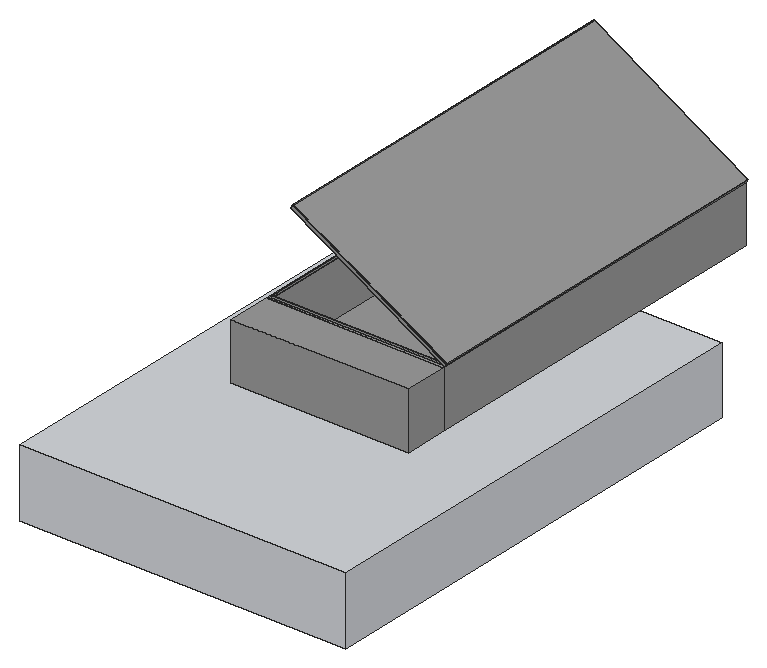
Revit family "Hager-Univers-IP55-D275-H1900-Cl.I-Steel_encl-PL-pl", category Equipement électrique, Revit 2020
Family settings
  Hôte = Face
  Configuration du panneau = Deux colonnes, circuits au sein
  Cote de connecteur circulaire = Utiliser le diamètre
  Type d'élément = Tableau de raccordement
  Couper avec des vides une fois chargée = Non
  Partagée = Non
  Point de calcul de pièce = Non
Parameters (values of type "Montaż podłogowy IP55 S800 W1900 G275  - FR13E2")
  Width Control [instance] = if([EF000008 - Szerokość] > Min Width, [EF000008 - Szerokość], Min Width)  # 800 mm
  Commentaires du type = [HG000003 - Zakres]  # "Univers"
  Thickness Door [instance] = if([EF009171 - Drzwi/pokrywa z materiału o wysokiej wytrzymałości mechanicznej] > 3 mm, 3 mm, [EF009171 - Drzwi/pokrywa z materiału o wysokiej wytrzymałości mechanicznej])  # 1.5 mm
  Seal Frame Offset [instance] = 17 mm  # constant formula
  Plinth Visibility [instance] = [HG000027 - Wysokość cokołu] > 0 mm  # yes
  Model = ""
  Min Width [instance] = 100 mm  # constant formula
  Min Height [instance] = 100 mm  # constant formula
  Min Depth [instance] = (2 * [EF009170 - Obudowa z materiału o wysokiej wytrzymałości mechanicznej]) + 1 mm  # 4 mm
  Internal Frame Depth [instance] = (Door System Depth * 0.5)  # 9 mm
  Height Control [instance] = if([EF000040 - Wysokość] > Min Height, [EF000040 - Wysokość], Min Height)  # 1900 mm
  HG000027 - Wysokość cokołu = 200 mm
  HG000026 - Stojąca = yes
  HG000024 - Wysokość części dolnej = 800 mm
  HG000023 - Obudowa dwusekcyjna = no
  HG000016 - Widoczność drzwi w widoku 3D [instance] = yes
  HG000015 - Przestrzeń robocza - otwarcie drzwi [instance] = no
  HG000014 - Drzwi prawe [instance] = yes
  HG000013 - Drzwi lewe [instance] = not([HG000014 - Drzwi prawe])  # no
  HG000012 - Kąt otwarcia drzwi [instance] = 30.00°
  HG000010 - Drzwi asymetryczne = no
  HG000009 - Drzwi dwuskrzydłowe = no
  HG000006 - Montaż podtynkowy = no
  HG000004 - Referencja producenta = "FR13E2"
  HG000003 - Zakres = "Univers"
  HG000002 - Z drzwiami lub pokrywą = yes
  Frame Offset Bottom [instance] = 10 mm  # constant formula
  Frame Offset [instance] = 15 mm  # constant formula
  EF015940 - Pokrywa z wyzwalaczem nadciśnieniowym = no
  EF011959 - Stopień ochrony (NEMA) = ""
  EF009554 - Liczba otworów pod flansze = 6
  Fabricant = "Hager"  # constant formula
  EF009212 - Wykonanie pokrywy = "EV000116 - Zamknięty"
  EF009171 - Drzwi/pokrywa z materiału o wysokiej wytrzymałości mechanicznej = 1.5 mm
  EF009170 - Obudowa z materiału o wysokiej wytrzymałości mechanicznej = 1.5 mm
  EF008873 - Prąd znamionowy (In) = 800 A
  EF007800 - Do ochrony odgromowej = no
  EF006306 - Z zamkiem = no
  EF006244 - Transparentna pokrywa/drzwi = no
  EF005474 - Stopień ochrony (IP) = "EV006420 - IP55"
  EF004464 - Rodzaj drzwi = "EV002646 - Pojedynczy"
  EF004427 - Liczba modułów = 396
  EF004293 - Odporność udarowa = "EV008784 - IK10"
  EF003532 - Do zastosowań zewnętrznych = no
  EF002950 - Szerokość wyrażona liczbą modułów = 24
  EF001613 - Podtrzymanie funkcji = "EV000494 - Brak"
  EF001596 - Materiał obudowy = "EV000179 - Stal"
  EF001131 - Głębokość wewnętrzna = 275 mm
  EF001088 - Możliwość rozbudowy = yes
  EF000437 - Liczba wejść kablowych = 6
  EF000339 - Rodzaj pokrywy = "EV004216 - Drzwi"
  EF000266 - Liczba rzędów = 11
  EF000218 - Głębokość wbudowania = 0 mm
  EF000118 - Z płytą montażową = no
  EF000116 - Numer RAL = "7035"
  EF000049 - Głębokość = 275 mm
  EF000040 - Wysokość = 1900 mm
  EF000008 - Szerokość = 800 mm
  EF000007 - Kolor = "EV000270 - Szary"
  EF000003 - Sposób montażu = "EV012274 - Montaż podłogowy"
  Door System Leaf Tolerance [instance] = 1.5 mm  # constant formula
  Door System Depth [instance] = 18 mm  # constant formula
  Door Height [instance] = Height Control - [HG000027 - Wysokość cokołu]  # 1700 mm
  Depth Control [instance] = if([EF000049 - Głębokość] > Min Depth, [EF000049 - Głębokość], Min Depth)  # 275 mm
  Default Elevation = 0 mm
  Connector Offset [instance] = Height Control / 2  # 950 mm
  Bottom Top Plate Trim [instance] = 1.5 mm  # constant formula
  Plinth height Ctrl [instance] = if([HG000027 - Wysokość cokołu] > 0 mm, [HG000027 - Wysokość cokołu], 12 mm)  # 200 mm
Types (5, lengths in mm): name | Width Control | HG000010 - Drzwi asymetryczne | HG000009 - Drzwi dwuskrzydłowe | HG000004 - Referencja producenta | EF009554 - Liczba otworów pod flansze | EF004464 - Rodzaj drzwi | EF004427 - Liczba modułów | EF000437 - Liczba wejść kablowych | EF000008 - Szerokość
  Montaż podłogowy IP55 S1050 W1900 G275  - FR14E2 | 1050 | yes | yes | "FR14E2" | 8 | "EV003602 - Podwójny" | 528 | 8 | 1050
  Montaż podłogowy IP55 S1300 W1900 G275  - FR15E2 | 1300 | yes | yes | "FR15E2" | 10 | "EV003602 - Podwójny" | 660 | 10 | 1300
  Montaż podłogowy IP55 S300 W1900 G275  - FR11E2 | 300 | no | no | "FR11E2" | 2 | "EV002646 - Pojedynczy" | 132 | 2 | 300
  Montaż podłogowy IP55 S550 W1900 G275  - FR12E2 | 550 | no | no | "FR12E2" | 4 | "EV002646 - Pojedynczy" | 264 | 4 | 550
  Montaż podłogowy IP55 S800 W1900 G275  - FR13E2 | 800 | no | no | "FR13E2" | 6 | "EV002646 - Pojedynczy" | 396 | 6 | 800
Reference planes
  plane 1 "Center (Front/Back)": y = 0
  plane 2: z = 0
  plane 3 "Center (Left/Right)": x = 0
  plane 4: z = 275
  plane 5: y = 201.5
  plane 6: y = 1050
  plane 7: y = 200
  plane 8: y = 1900
  plane 9: z = 0
  plane 10: x = -385
  plane 11: x = 385
  plane 12: x = 383.5
  plane 13: x = -383.5
  plane 14: y = 1898.5
  plane 15: x = -383
  plane 16: x = -400
  plane 17: x = 383
  plane 18: x = 400
  plane 19: x = 398.5
  plane 20: x = -398.5
  plane 21: y = 211.5
  plane 22: y = 1900
  plane 23: y = 1883.5
  plane 24: z = 257
  plane 25: z = 1.5
  plane 26: z = 255.5
  plane 27: z = 273.5
Forms (mm)
  Extrusion 1, solid
    sketch origin (0, 0, 0) x (1, 0, 0) y (0, 1, 0)
      loop
        line (-702.964, 1305) -> (-702.964, -811.445) -> (766.763, -811.445) -> (766.763, 1305) -> (-702.964, 1305)
    from 0 to -304.8
  Extrusion 2, solid, material "Hager_Steel_RAL7035_Light_Grey", visible <- "Plinth Visibility", detail levels medium+fine
    sketch origin (0, 0, 0) x (1, 0, 0) y (0, 1, 0)
      loop
        line (-400, 0) -> (400, 0) -> (400, 200) -> (-400, 200) -> (-400, 0)
    from 0 to 257
  Extrusion 3, solid, material "Hager_Steel_RAL7035_Light_Grey", detail levels medium+fine
    sketch origin (0, 0, 0) x (1, 0, 0) y (0, 1, 0)
      loop
        line (-400, 200) -> (400, 200) -> (400, 1900) -> (-400, 1900) -> (-400, 200)
    from 0 to 257
  Extrusion 4, void
    sketch origin (0, 0, 0) x (1, 0, 0) y (0, 1, 0)
      loop
        line (-398.5, 201.5) -> (398.5, 201.5) -> (398.5, 1898.5) -> (-398.5, 1898.5) -> (-398.5, 201.5)
    from 1.5 to 255.5
  Extrusion 5, void
    sketch origin (-381.607, -4572, 257) x (0, -1, 0) y (-1, 0, 0)
      loop
        line (-4783.5, 1.893) -> (-6455.5, 1.893) -> (-6455.5, -765.107) -> (-4783.5, -765.107) -> (-4783.5, 1.893)
    from 0 to 1.5 <- "EF009170 - Obudowa z materiału o wysokiej wytrzymałości mechanicznej"
  Extrusion 6, solid, material "Hager_Steel_RAL7035_Light_Grey", detail levels fine
    sketch origin (0, 0, 257) x (1, 0, 0) y (0, 1, 0)
      loop
        line (-383.5, 1883.5) -> (-383.5, 211.5) -> (383.5, 211.5) -> (383.5, 1883.5) -> (-383.5, 1883.5)
      loop
        line (-385, 210) -> (385, 210) -> (385, 1885) -> (-385, 1885) -> (-385, 210)
    from 0 to 9 <- "Internal Frame Depth"
  Extrusion 7, solid, material "Hager_Steel_RAL7035_Light_Grey", detail levels coarse
    sketch origin (0, 0, 0) x (1, 0, 0) y (0, 1, 0)
      loop
        line (-400, 0) -> (400, 0) -> (400, 1900) -> (-400, 1900) -> (-400, 0)
    from 0 to 275
  Sweep 8, void
    path in 3D
      loop
        line (-400, 200, 0) -> (400, 200, 0) -> (400, 200, 257) -> (-400, 200, 257) -> (-400, 200, 0)
    profile origin (-400, 200, 128.5) x (-1, 0, 0) y (0, -1, 0)
      loop
        line (0, 0) -> (0, 1.5) -> (-1.5, 1.5)
        arc (-1.5, 1.5) -> (-1.061, 0.439) -> (0, 0) r 1.5
Cuts and joins
  Extrusion 4, Extrusion 5 cuts Extrusion 3
  Sweep 8 cuts Extrusion 2
Lines and regions (mm)
  Masking region 1
    outline origin (0, 0, 0) x (1, 0, 0) y (0, 0, 1)
      loop
        line (-400, 275) -> (-400, 0) -> (400, 0) -> (400, 275) -> (-400, 275)
  Masking region 2, detail levels medium+fine
    outline origin (0, 140, 0) x (0, 1, 0) y (0, 0, 1)
      loop
        line (60, 0) -> (1760, 0) -> (1760, 257) -> (60, 257) -> (60, 0)
  Masking region 3, not visible, detail levels medium+fine
    outline origin (0, 297.922, 0) x (0, 1, 0) y (0, 0, 1)
      loop
        line (763.578, 0) -> (803.578, 0) -> (803.578, 263.5)
        arc (803.578, 263.5) -> (800.649, 270.571) -> (793.578, 273.5) r 10
        line (793.578, 273.5) -> (763.578, 273.5) -> (763.578, 0)
  Masking region 4, detail levels coarse
    outline origin (0, 0, 180) x (0, 1, 0) y (0, 0, 1)
      loop
        line (0, -180) -> (1900, -180) -> (1900, 95) -> (0, 95) -> (0, -180)
  Masking region 5, visible <- "Plinth Visibility", detail levels medium+fine
    outline origin (0, 52.24, 12.345) x (0, 0, -1) y (0, 1, 0)
      loop
        line (10.845, 147.76) -> (-243.155, 147.76)
        arc (-243.155, 147.76) -> (-243.594, 146.699) -> (-244.655, 146.26) r 1.5
        line (-244.655, 146.26) -> (-244.655, -52.24) -> (12.345, -52.24) -> (12.345, 146.26)
        arc (12.345, 146.26) -> (11.285, 146.699) -> (10.845, 147.76) r 1.5
  Masking region 6, detail levels medium+fine
    outline origin (-381.607, -4572, 257) x (-1, 0, 0) y (0, -1, 0)
      loop
        line (18.393, -6472) -> (18.393, -4772) -> (-781.607, -4772) -> (-781.607, -6472) -> (18.393, -6472)
  Masking region 7, visible <- "Plinth Visibility", detail levels medium+fine
    outline origin (-381.607, -4727, 257) x (-1, 0, 0) y (0, -1, 0)
      loop
        arc (16.893, -4927) -> (17.332, -4925.939) -> (18.393, -4925.5) r 1.5
        line (18.393, -4925.5) -> (18.393, -4727) -> (-781.607, -4727) -> (-781.607, -4925.5)
        arc (-781.607, -4925.5) -> (-780.546, -4925.939) -> (-780.107, -4927) r 1.5
        line (-780.107, -4927) -> (16.893, -4927)
  Masking region 8, detail levels coarse
    outline origin (-442.548, -4669.526, 257) x (-1, 0, 0) y (0, -1, 0)
      loop
        line (-42.548, -6569.526) -> (-42.548, -4669.526) -> (-842.548, -4669.526) -> (-842.548, -6569.526) -> (-42.548, -6569.526)
  sketch lines
    curve 1: line (-400, 200, 257) -> (-400, 200, 0)
    curve 2: line (400, 200, 257) -> (-400, 200, 257)
    curve 3: line (400, 200, 257) -> (400, 200, 0)
    curve 4: line (-400, 200, 0) -> (400, 200, 0)
Dimensions and locks
  "Depth Control": plane 4 to Extrusion 1
  "HG000027 - Wysokość cokołu": plane 1 "Center (Front/Back)" to plane 7
  "EF009170 - Obudowa z materiału o wysokiej wytrzymałości mechanicznej": plane 5 to plane 7
  locked: connector elem to plane 3 "Center (Left/Right)"
  equal spacing: plane 8, plane 6, plane 7
  locked: connector elem to plane 6
  "EF009170 - Obudowa z materiału o wysokiej wytrzymałości mechanicznej": plane 8 to plane 14
  "EF009170 - Obudowa z materiału o wysokiej wytrzymałości mechanicznej": plane 10 to plane 13
  "EF009170 - Obudowa z materiału o wysokiej wytrzymałości mechanicznej": plane 12 to plane 11
  "Frame Offset": plane 20 to plane 13
  "Frame Offset": plane 12 to plane 19
  "EF009170 - Obudowa z materiału o wysokiej wytrzymałości mechanicznej": plane 16 to plane 20
  "EF009170 - Obudowa z materiału o wysokiej wytrzymałości mechanicznej": plane 19 to plane 18
  "Seal Frame Offset": plane 16 to plane 15
  "Seal Frame Offset": plane 17 to plane 18
  "Frame Offset Bottom": plane 21 to plane 5
  "Frame Offset": plane 14 to plane 23
  equal spacing: plane 16, plane 3 "Center (Left/Right)", plane 18
  "Width Control": plane 16 to plane 18
  "EF009170 - Obudowa z materiału o wysokiej wytrzymałości mechanicznej": plane 4 to plane 27
  "EF009170 - Obudowa z materiału o wysokiej wytrzymałości mechanicznej": plane 24 to plane 26
  "EF009170 - Obudowa z materiału o wysokiej wytrzymałości mechanicznej": plane 25 to level
  "Door System Depth": plane 4 to plane 24
  "Height Control": plane 1 "Center (Front/Back)" to Extrusion 7 sketch curve
  "Height Control": Masking region 4 sketch curve to plane 1 "Center (Front/Back)"
  "Height Control": plane 1 "Center (Front/Back)" to plane 22
  "Bottom Top Plate Trim": profile plane to Sweep 8 sketch curve
  "Bottom Top Plate Trim": Sweep 8 sketch curve to profile plane
  "Plinth height Ctrl": plane 1 "Center (Front/Back)" to Extrusion 2 sketch curve
  "Plinth height Ctrl": Masking region 5 sketch curve to plane 1 "Center (Front/Back)"
  "Plinth height Ctrl": plane 1 "Center (Front/Back)" to Masking region 7 sketch curve
  "Thickness Door": Extrusion 6 sketch curve to Extrusion 6 sketch curve  (x3)
  "Thickness Door": cut or joined group of Extrusion 3, Extrusion 4, Extrusion 5 to Extrusion 6 sketch curve
  radius of Masking region 3 sketch curve = 10 mm
  "Bottom Top Plate Trim": radius of Masking region 5 sketch curve  (x2)
  "Bottom Top Plate Trim": radius of Sweep 8 sketch curve
  "Bottom Top Plate Trim": radius of Masking region 7 sketch curve  (x2)
  aligned and locked: plane 2 to Extrusion 1
  aligned and locked: level to Extrusion 1
  aligned and locked: level to Masking region 1 sketch curve
  aligned and locked: Masking region 1 sketch curve to plane 18
  aligned and locked: Masking region 1 sketch curve to plane 16
  aligned and locked: plane 7 to Masking region 2 sketch curve
  aligned and locked: level to Masking region 3 sketch curve
  aligned and locked: Masking region 3 sketch curve to plane 27
  aligned and locked: level to Masking region 2 sketch curve
  aligned and locked: plane 1 "Center (Front/Back)" to Extrusion 2 sketch curve
  aligned and locked: Extrusion 3 sketch curve to plane 7
  aligned and locked: plane 16 to Extrusion 3 sketch curve
  aligned and locked: plane 18 to Extrusion 3 sketch curve
  aligned and locked: plane 20 to Extrusion 4 sketch curve
  aligned and locked: plane 19 to Extrusion 4 sketch curve
  aligned and locked: Extrusion 4 sketch curve to plane 5
  aligned and locked: Extrusion 4 to plane 25
  aligned and locked: plane 26 to Extrusion 4
  aligned and locked: plane 24 to Extrusion 3
  aligned and locked: Extrusion 5 sketch curve to plane 21
  aligned and locked: Extrusion 5 sketch curve to plane 13
  aligned and locked: Extrusion 5 sketch curve to plane 12
  aligned and locked: plane 18 to Extrusion 7 sketch curve
  aligned and locked: plane 1 "Center (Front/Back)" to Extrusion 7 sketch curve
  aligned and locked: plane 16 to Extrusion 7 sketch curve
  aligned and locked: plane 4 to Extrusion 7
  aligned and locked: Extrusion 7 to level
  aligned and locked: level to Masking region 4 sketch curve
  aligned and locked: Masking region 4 sketch curve to plane 1 "Center (Front/Back)"
  aligned and locked: Masking region 4 sketch curve to plane 4
  aligned and locked: nested 1 to level
  aligned and locked: nested 1 to plane 16
  aligned and locked: plane 8 to Extrusion 3 sketch curve
  aligned and locked: plane 23 to Extrusion 5 sketch curve
  aligned and locked: plane 14 to Extrusion 4 sketch curve
  aligned and locked: Masking region 2 sketch curve to plane 8
  aligned and locked: level to Masking region 5 sketch curve
  aligned and locked: plane 16 to Extrusion 2 sketch curve
  aligned and locked: plane 18 to Extrusion 2 sketch curve
  aligned and locked: Masking region 5 sketch curve to plane 24
  aligned and locked: Masking region 2 sketch curve to plane 24
  aligned and locked: plane 24 to Extrusion 2
  aligned and locked: profile plane to Sweep 8 sketch curve  (x2)
  aligned and locked: Masking region 6 sketch curve to plane 18
  aligned and locked: Masking region 6 sketch curve to plane 22
  aligned and locked: Masking region 6 sketch curve to plane 16
  aligned and locked: plane 8 to plane 22
  aligned and locked: Masking region 6 sketch curve to plane 7
  aligned and locked: Masking region 7 sketch curve to plane 16
  aligned and locked: Masking region 7 sketch curve to plane 1 "Center (Front/Back)"
  aligned and locked: Masking region 7 sketch curve to plane 18
  aligned and locked: Masking region 8 sketch curve to plane 1 "Center (Front/Back)"
  aligned and locked: Masking region 8 sketch curve to plane 18
  aligned and locked: Masking region 8 sketch curve to plane 22
  aligned and locked: Masking region 8 sketch curve to plane 16
  aligned and locked: nested 2 to plane 7
  aligned and locked: plane 3 "Center (Left/Right)" to nested 2
  aligned and locked: nested 2 to plane 24
  aligned and locked: Extrusion 6 sketch curve to cut or joined group of Extrusion 3, Extrusion 4, Extrusion 5  (x4)
Automatic sketch dimensions
  Extrusion 1 sketch curve to Extrusion 1 sketch curve = 1469.727 mm
  Extrusion 1 sketch curve to Extrusion 1 sketch curve = 2116.445 mm
  Masking region 1 sketch curve to plane 4 = 0 mm
  plane 6 to Masking region 3 sketch curve = 11.5 mm
  Masking region 3 sketch curve to Masking region 3 sketch curve = 30 mm
  Masking region 5 sketch curve to plane 1 "Center (Front/Back)" = 0 mm
Nested families
  nested 1: "Hager_Enclosure_Symbol" at (-400, 0, 0) x (1, 0, 0) z (0, -1, 0), Height <- "Depth Control", Width <- "Width Control", type "Hager_Enclosure_Symbol"
    with Width_Ctrl 800 mm, Width 800 mm, Height_Ctrl 275 mm, Height 275 mm, A_Width_Int 18.047 mm, A_Width 216.562 mm, A_Height_Ctrl 240.625 mm, A_Height 240.625 mm
  nested 2: "EC000058_Univers_Door" at (0, 200, 257) x (1, 0, 0) z (0, 1, 0), Leaf_Tolerance <- "Door System Leaf Tolerance", Angle <- "HG000012 - Kąt otwarcia drzwi", Door_Depth <- "Door System Depth", Door_Left <- "HG000013 - Drzwi lewe", Transparent <- "EF006244 - Transparentna pokrywa/drzwi", Assymetrical <- "HG000010 - Drzwi asymetryczne", Width <- "Width Control", Clearance <- "HG000015 - Przestrzeń robocza - otwarcie drzwi", Double <- "HG000009 - Drzwi dwuskrzydłowe", 3d_Door <- "HG000016 - Widoczność drzwi w widoku 3D", Lock_Visibility <- "EF006306 - Z zamkiem", Width_Ctrl <- "Width Control", Door_Right <- "HG000014 - Drzwi prawe", Door <- "HG000002 - Z drzwiami lub pokrywą", Height <- "Door Height", Thickness <- "Thickness Door", type "EC000058_Univers_Door", detail levels medium+fine
    with min_wh 4 mm, Width_Ctrl 800 mm, Width 800 mm, Transparent no, Thickness 1.5 mm, Seal_Material Hager_Rubber, Lock_Visibility no, Lock_Material Hager_Plastic_RAL9005_Jet_Black, Leaf_Width 800 mm, Leaf_Tolerance_External_Sides 0 mm, Leaf_Tolerance 1.5 mm, Leaf_Offset 0 mm, Leaf_Height 1697 mm, Leaf_2_Width 800 mm, Leaf_2_Offset 400 mm, Leaf_1_Width 800 mm, Leaf_1_Offset 400 mm, Height_Ctrl 1700 mm, Height 1700 mm, Glass_Material Hager_Glass, Double_Clearance_Ctrl no, Double no, Door_Right_Ctrl yes, Door_Right yes, Door_Material Hager_Steel_RAL7035_Light_Grey, Door_Left_Ctrl no, Door_Left no, Door_Depth 18 mm, Door yes, Clearance_Material Hager_Clearance, Clearance_Depth 800 mm, Clearance_Ctrl no, Clearance no, Assymetrical no, Angle 30.00°, 3d_Door yes
Connectors
  electrical at (0, 1050, 0)
    settings: on plane 9, index 1, voltage 0 V, apparent load 0 VA, apparent load phase1 0 VA, apparent load phase2 0 VA, apparent load phase3 0 VA, power factor 1, load classification "Other", number of poles 1, system type 30, power factor state 1, is connector primary yes, connector utility no, sub classification motor no, connector description ""
Definition of nested family "EC000058_Univers_Door"
  Parameters (values of type "EC000058_Univers_Door")
    min_wh [instance] = (2 * Thickness) + 1 mm  # 11 mm
    Width_Ctrl [instance] = 400 mm
    Width [instance] = 500 mm
    Transparent [instance] = yes
    Thickness [instance] = 5 mm
    Seal_Material [instance] = none
    Lock_Visibility [instance] = yes
    Lock_Material [instance] = none
    Leaf_Width [instance] = if((Width_Ctrl - 2 * Leaf_Tolerance_External_Sides) > 0 mm, (Width_Ctrl - 2 * Leaf_Tolerance_External_Sides), min_wh)  # 400 mm
    Leaf_Tolerance_External_Sides [instance] = 0 mm  # constant formula
    Leaf_Tolerance [instance] = 1.5 mm
    Leaf_Offset [instance] = 0 mm  # constant formula
    Leaf_Height [instance] = if((Height_Ctrl - 2 * Leaf_Tolerance) > 0 mm, (Height_Ctrl - 2 * Leaf_Tolerance), min_wh)  # 497 mm
    Leaf_2_Width [instance] = if(and(and(Double, Assymetrical), Door_Left), (Leaf_Width / 3) - (Leaf_Tolerance / 2), if(and(and(Double, Assymetrical), Door_Right), (Leaf_Width / 3) * 2 - (Leaf_Tolerance / 2), if(and(Double, not(Assymetrical)), (Leaf_Width / 2) - Leaf_Tolerance, Leaf_Width)))  # 400 mm
    Leaf_2_Offset [instance] = if(and(Double, Assymetrical), Leaf_2_Width / 2, if(and(Double, not(Assymetrical)), Leaf_Width / 4, Leaf_Width / 2))  # 200 mm
    Leaf_1_Width [instance] = if(and(and(Double, Assymetrical), Door_Right), (Leaf_Width / 3) - (Leaf_Tolerance / 2), if(and(and(Double, Assymetrical), Door_Left), (Width / 3) * 2 - (Leaf_Tolerance / 2), if(and(Double, not(Assymetrical)), (Leaf_Width / 2) - Leaf_Tolerance, Leaf_Width)))  # 400 mm
    Leaf_1_Offset [instance] = if(and(Double, Assymetrical), Leaf_1_Width / 2, if(and(Double, not(Assymetrical)), Leaf_Width / 4, Leaf_Width / 2))  # 200 mm
    Height_Ctrl [instance] = if(Height > min_wh, Height, min_wh)  # 500 mm
    Height [instance] = 500 mm
    Glass_Material [instance] = none
    Double_Clearance_Ctrl [instance] = and(Double, Clearance)  # no
    Double [instance] = no
    Door_Right_Ctrl [instance] = and(or(Door_Right, Double), Door)  # yes
    Door_Right [instance] = yes
    Door_Material [instance] = none
    Door_Left_Ctrl [instance] = and(or(Door_Left, Double), Door)  # no
    Door_Left [instance] = no
    Door_Depth [instance] = 30 mm
    Door [instance] = yes
    Default Elevation = 1219.2 mm
    Clearance_Material [instance] = none
    Clearance_Depth [instance] = if(Leaf_1_Width > Leaf_2_Width, Leaf_1_Width, Leaf_2_Width)  # 400 mm
    Clearance_Ctrl [instance] = and(not(Double), Clearance)  # yes
    Clearance [instance] = yes
    Assymetrical [instance] = yes
    Angle [instance] = 30.00°
    3d_Door [instance] = yes
  Reference planes
    plane 1 "Center (Front/Back)": y = 0
    plane 2 "Bottom": z = 0
    plane 3 "Center (Left/Right)": x = 0
    plane 4: z = 500
    plane 5: x = -200
    plane 6: x = 200
    plane 7: z = 500
    plane 8: x = -200
    plane 9: z = 0
    plane 10: x = 200
    plane 11: y = 0
    plane 12: z = 1.5
    plane 13: x = -600
    plane 14: y = -400
    plane 15: x = 600
    plane 16: x = 0
    plane 17: x = 0
    plane 18: x = -200
    plane 19: x = 200
    plane 20: z = 498.5
  Forms (mm)
    Extrusion 1, solid, material <- "Clearance_Material", visible <- "Double_Clearance_Ctrl"
      sketch origin (1200, 0, 0) x (1, 0, 0) y (0, 0, -1)
        loop
          line (-1800, -498.5) -> (-600, -498.5) -> (-600, 0) -> (-1800, 0) -> (-1800, -498.5)
      from 0 to -400
  Dimensions and locks
    equal spacing: plane 5, plane 3 "Center (Left/Right)", plane 6
    "Width_Ctrl": plane 5 to plane 6
    "Leaf_Offset": plane 5 to plane 8
    "Leaf_Offset": plane 6 to plane 10
    "Leaf_Offset": plane 9 to level
    "Leaf_Offset": plane 4 to plane 7
    "Height_Ctrl": plane 4 to level
    "Leaf_Tolerance": plane 12 to plane 9
    locked: plane 11 to plane 1 "Center (Front/Back)"
    "Leaf_1_Offset": plane 18 to plane 16
    "Leaf_2_Offset": plane 17 to plane 19
    "Leaf_1_Width": plane 13 to plane 8
    "Leaf_2_Width": plane 10 to plane 15
    "Clearance_Depth": plane 14 to plane 1 "Center (Front/Back)"
    "Leaf_Tolerance_External_Sides": plane 8 to plane 18
    "Leaf_Tolerance_External_Sides": plane 19 to plane 10
    "Leaf_Tolerance": plane 7 to plane 20
    aligned and locked: level to plane 2 "Bottom"
    aligned and locked: nested 1 to plane 16
    aligned and locked: nested 2 to plane 17
    aligned and locked: Extrusion 1 to plane 13
    aligned and locked: plane 15 to Extrusion 1
    aligned and locked: Extrusion 1 to plane 14
    aligned and locked: plane 12 to nested 1
    aligned and locked: nested 2 to plane 12
    aligned and locked: Extrusion 1 to plane 11
    aligned and locked: plane 20 to Extrusion 1
    aligned and locked: nested 2 to plane 11
    aligned and locked: nested 1 to plane 11
  Automatic sketch dimensions
    Extrusion 1 sketch curve to level = 0 mm
    plane 5 to Extrusion 1 sketch curve = 400 mm
    plane 6 to Extrusion 1 sketch curve = 400 mm
    Extrusion 1 sketch curve to plane 4 = 1.5 mm
  Nested families
    nested 1: "EC000058_Univers_Door_Leaf" at (0, 0, 1.5), Width <- "Leaf_1_Width", visible <- "Door_Left_Ctrl", Leaf_Height <- "Leaf_Height", Angle <- "Angle", 3d_Door <- "3d_Door", Transparent <- "Transparent", Clearance Material <- "Clearance_Material", Clearance <- "Clearance_Ctrl", Door_Material <- "Door_Material", Glass_Material <- "Glass_Material", Door_Depth <- "Door_Depth", Lock_Material <- "Lock_Material", Seal_Material <- "Seal_Material", Lock_Visibility <- "Lock_Visibility", Thickness <- "Thickness", type "EC000058_Univers_Door_Leaf"
      with Width 400 mm, Transparent_Glass_Offset 30 mm, Transparent_Ctrl yes, Transparent yes, Thickness 5 mm, Standard no, Seal_Material none, Seal_D2 8 mm, Seal_D1 1 mm, Offset_Internal_Frame 10 mm, Lock_Width 20 mm, Lock_Visibility_3d yes, Lock_Visibility yes, Lock_Thickness_3 3 mm, Lock_Thickness_2 1 mm, Lock_Thickness_1 3 mm, Lock_Radius_Offset_2 16 mm, Lock_Radius_Offset_1 15 mm, Lock_Radius_2 5 mm, Lock_Radius 6 mm, Lock_Offset 5 mm, Lock_Material none, Lock_Height 80 mm, Lock_Cover_Top_Offset_2d 17 mm, Lock_Cover_Height -65 mm, Leaf_Height 497 mm, Internal_Seal_Thickness 8 mm, Internal_Seal_Depth_2 4.5 mm, Internal_Frame_Depth 25 mm, Glass_Thickness -1 mm, Glass_Offset -2 mm, Glass_Material none, Door_Material none, Door_Depth 30 mm, Clearance Material none, Clearance yes, Angle_Ctrl 30.00°, Angle 30.00°, 3d_Door yes
    nested 2: "EC000058_Univers_Door_Leaf" at (0, 0, 1.5) x (-1, 0, 0) z (0, 0, 1), Width <- "Leaf_2_Width", visible <- "Door_Right_Ctrl", Leaf_Height <- "Leaf_Height", Angle <- "Angle", 3d_Door <- "3d_Door", Transparent <- "Transparent", Clearance Material <- "Clearance_Material", Clearance <- "Clearance_Ctrl", Door_Material <- "Door_Material", Glass_Material <- "Glass_Material", Door_Depth <- "Door_Depth", Lock_Material <- "Lock_Material", Seal_Material <- "Seal_Material", Lock_Visibility <- "Lock_Visibility", Thickness <- "Thickness", type "EC000058_Univers_Door_Leaf"
      with Width 400 mm, Transparent_Glass_Offset 30 mm, Transparent_Ctrl yes, Transparent yes, Thickness 5 mm, Standard no, Seal_Material none, Seal_D2 8 mm, Seal_D1 1 mm, Offset_Internal_Frame 10 mm, Lock_Width 20 mm, Lock_Visibility_3d yes, Lock_Visibility yes, Lock_Thickness_3 3 mm, Lock_Thickness_2 1 mm, Lock_Thickness_1 3 mm, Lock_Radius_Offset_2 16 mm, Lock_Radius_Offset_1 15 mm, Lock_Radius_2 5 mm, Lock_Radius 6 mm, Lock_Offset 5 mm, Lock_Material none, Lock_Height 80 mm, Lock_Cover_Top_Offset_2d 17 mm, Lock_Cover_Height -65 mm, Leaf_Height 497 mm, Internal_Seal_Thickness 8 mm, Internal_Seal_Depth_2 4.5 mm, Internal_Frame_Depth 25 mm, Glass_Thickness -1 mm, Glass_Offset -2 mm, Glass_Material none, Door_Material none, Door_Depth 30 mm, Clearance Material none, Clearance yes, Angle_Ctrl 30.00°, Angle 30.00°, 3d_Door yes
  Definition of nested family "EC000058_Univers_Door_Leaf"
    Parameters (values of type "EC000058_Univers_Door_Leaf")
      Width [instance] = 2000 mm
      Transparent_Glass_Offset [instance] = 30 mm
      Transparent_Ctrl [instance] = and(Transparent, [3d_Door])  # yes
      Transparent [instance] = yes
      Thickness [instance] = 5 mm
      Standard [instance] = and(not(Transparent), [3d_Door])  # no
      Seal_Material [instance] = none
      Seal_D2 [instance] = 8 mm  # constant formula
      Seal_D1 [instance] = 1 mm  # constant formula
      Offset_Internal_Frame [instance] = 10 mm  # constant formula
      Lock_Width [instance] = 20 mm  # constant formula
      Lock_Visibility_3d [instance] = and(Lock_Visibility, [3d_Door])  # yes
      Lock_Visibility [instance] = yes
      Lock_Thickness_3 [instance] = 3 mm  # constant formula
      Lock_Thickness_2 [instance] = 1 mm  # constant formula
      Lock_Thickness_1 [instance] = 3 mm  # constant formula
      Lock_Radius_Offset_2 [instance] = Lock_Radius_Offset_1 + 1 mm  # 16 mm
      Lock_Radius_Offset_1 [instance] = 15 mm  # constant formula
      Lock_Radius_2 [instance] = Lock_Radius - 1 mm  # 5 mm
      Lock_Radius [instance] = 6 mm  # constant formula
      Lock_Offset [instance] = 5 mm  # constant formula
      Lock_Material [instance] = none
      Lock_Height [instance] = 80 mm  # constant formula
      Lock_Cover_Top_Offset_2d [instance] = Lock_Radius_Offset_2 + 1 mm  # 17 mm
      Lock_Cover_Height [instance] = -(Lock_Height - Lock_Radius_Offset_1)  # -65 mm
      Leaf_Height [instance] = 2720.336 mm
      Internal_Seal_Thickness [instance] = 8 mm  # constant formula
      Internal_Seal_Depth_2 [instance] = 4.5 mm  # constant formula
      Internal_Frame_Depth [instance] = if(Door_Depth - Thickness > 5 mm, Door_Depth - Thickness, 5 mm)  # 25 mm
      Glass_Thickness [instance] = if(Thickness > 15 mm, Glass_Offset + 10 mm, -1 mm)  # -1 mm
      Glass_Offset [instance] = if(Thickness > 15 mm, -(Thickness + 10 mm) / 2, -2 mm)  # -2 mm
      Glass_Material [instance] = none
      Door_Material [instance] = none
      Door_Depth [instance] = 30 mm
      Default Elevation = 0 mm
      Clearance Material [instance] = none
      Clearance [instance] = yes
      Angle_Ctrl [instance] = if(Angle > 180.00°, 180.00°, Angle)  # 90.00°
      Angle [instance] = 90.00°
      3d_Door [instance] = yes
    Reference planes
      plane 1 "Center (Front/Back)": y = 0
      plane 2: z = 0
      plane 3 "Center (Left/Right)": x = 0
      plane 4: y = 2000
      plane 5: x = -1000
      plane 6: x = 1000
      plane 7: x = -3000
      plane 8: z = 2720.336
      plane 9: z = 30
      plane 10: z = 2690.336
      plane 11: x = 970
      plane 12: x = -970
      plane 13: y = -3
      plane 14: z = 107.833
      plane 15: y = -5
      plane 16: y = -223.314
      plane 17: x = -1000
      plane 18: z = 1360.168
      plane 19: y = 30
    Forms (mm)
      Extrusion 1, solid, material <- "Clearance Material", visible <- "Clearance"
        sketch origin (0, 0, 0) x (1, 0, 0) y (0, 0, 1)
          loop
            line (-3000, 2720.336) -> (-3000, 0) -> (1000, 0) -> (1000, 2720.336) -> (-3000, 2720.336)
        from 0 to -2000
      Extrusion 2, solid, material <- "Door_Material", visible <- "Standard", detail levels medium+fine
        sketch origin (-1000, 0, 0) x (0, 1, 0) y (-1, 0, 0)
          loop
            line (0, 30) -> (0, 25) -> (2000, 25) -> (2000, 30) -> (0, 30)
        from 0 to 2720.336 <- "Leaf_Height"
      Extrusion 3, solid, material <- "Door_Material", visible <- "Transparent_Ctrl", detail levels medium+fine
        sketch origin (-1000, 0, 0) x (0, 1, 0) y (-1, 0, 0)
          loop
            line (0, 25) -> (2000, 25) -> (2000, 30) -> (0, 30) -> (0, 25)
        from 0 to 2720.336 <- "Leaf_Height"
      Extrusion 4, void
        sketch origin (-1025, 2000, 0) x (0, 1, 0) y (0, 0, -1)
          loop
            line (-30, -2690.336) -> (-30, -30) -> (-1970, -30) -> (-1970, -2690.336) -> (-30, -2690.336)
        from 0 to 5 <- "Thickness"
      Sweep 5, solid, material <- "Seal_Material", visible <- "Transparent_Ctrl", detail levels fine
        path in 3D
          loop
            line (-1025, 30, 30) -> (-1025, 30, 2690.336) -> (-1025, 1970, 2690.336) -> (-1025, 1970, 30) -> (-1025, 30, 30)
        profile origin (-1025, 1000, 30) x (1, 0, 0) y (0, 0, 1)
          loop
            line (0, 0) -> (0, -8) -> (1, -8) -> (1, 0) -> (0, 0)
      Extrusion 6, solid, material <- "Glass_Material", visible <- "Transparent_Ctrl", detail levels medium+fine
        sketch origin (-1030, 0, 0) x (0, 1, 0) y (0, 0, -1)
          loop
            line (1970, -2690.336) -> (1970, -30) -> (30, -30) -> (30, -2690.336) -> (1970, -2690.336)
        from -2 <- "Glass_Offset" to -1 <- "Glass_Thickness"
      Extrusion 7, solid, material <- "Door_Material", visible <- "3d_Door", detail levels medium+fine
        sketch origin (-1025, 2000, 0) x (0, -1, 0) y (0, 0, -1)
          loop
            line (0, -2720.336) -> (2000, -2720.336) -> (2000, 0) -> (0, 0) -> (0, -2720.336)
          loop
            line (1995, -5) -> (5, -5) -> (5, -2715.336) -> (1995, -2715.336) -> (1995, -5)
        from 0 to 25 <- "Internal_Frame_Depth"
      Sweep 8, solid, material <- "Seal_Material", visible <- "Transparent_Ctrl", detail levels fine
        path in 3D
          loop
            line (-1025, 0, 0) -> (-1025, 2000, 0) -> (-1025, 2000, 2720.336) -> (-1025, 0, 2720.336) -> (-1025, 0, 0)
        profile origin (-1025, 0, 1360.168) x (1, 0, 0) y (0, 1, 0)
          loop
            line (0, 10) -> (2.975, 10)
            arc (2.975, 10) -> (4.053, 10.447) -> (4.5, 11.525) r 1.525
            line (4.5, 11.525) -> (4.5, 16.527)
            arc (4.5, 16.527) -> (4.069, 17.569) -> (3.027, 18) r 1.473
            line (3.027, 18) -> (0, 18) -> (0, 10)
      Extrusion 9, solid, material <- "Lock_Material", visible <- "Lock_Visibility_3d", detail levels fine
        sketch origin (-1030, 0, 0) x (0, 1, 0) y (0, 0, -1)
          loop
            arc (1993.5, -1400.168) -> (1994.561, -1399.729) -> (1995, -1398.668) r 1.5
            line (1995, -1398.668) -> (1995, -1320.168) -> (1975, -1320.168) -> (1975, -1398.668)
            arc (1975, -1398.668) -> (1975.439, -1399.729) -> (1976.5, -1400.168) r 1.5
            line (1976.5, -1400.168) -> (1993.5, -1400.168)
        from 3 <- "Lock_Thickness_1" to 0
      Blend 10, solid, material <- "Lock_Material", visible <- "Lock_Visibility_3d", detail levels fine
        base sketch origin (-1033, 0, 0) x (0, 1, 0) y (0, 0, -1)
          loop
            line (1975, -1320.168) -> (1975, -1398.668)
            arc (1975, -1398.668) -> (1975.439, -1399.729) -> (1976.5, -1400.168) r 1.5
            line (1976.5, -1400.168) -> (1993.5, -1400.168)
            arc (1993.5, -1400.168) -> (1994.561, -1399.729) -> (1995, -1398.668) r 1.5
            line (1995, -1398.668) -> (1995, -1320.168) -> (1975, -1320.168)
        top sketch origin (-1033, 0, 0) x (0, 1, 0) y (0, 0, -1)
          loop
            line (1976, -1320.168) -> (1976, -1398.668)
            arc (1976, -1398.668) -> (1976.146, -1399.022) -> (1976.5, -1399.168) r 0.5
            line (1976.5, -1399.168) -> (1993.5, -1399.168)
            arc (1993.5, -1399.168) -> (1993.854, -1399.022) -> (1994, -1398.668) r 0.5
            line (1994, -1398.668) -> (1994, -1320.168) -> (1976, -1320.168)
        from 0 to 1 <- "Lock_Thickness_2"
      Blend 11, solid, material <- "Lock_Material", visible <- "Lock_Visibility_3d", detail levels fine
        base sketch origin (-1034, 0, 0) x (0, 1, 0) y (0, 0, -1)
          loop
            line (1978, -1320.168) -> (1978, -1384.168)
            arc (1978, -1384.168) -> (1985, -1391.168) -> (1992, -1384.168) r 7
            line (1992, -1384.168) -> (1992, -1320.168) -> (1978, -1320.168)
        top sketch origin (-1034, 0, 0) x (0, 1, 0) y (0, 0, -1)
          loop
            line (1991, -1320.168) -> (1979, -1320.168) -> (1979, -1383.168)
            arc (1979, -1383.168) -> (1985, -1389.168) -> (1991, -1383.168) r 6
            line (1991, -1383.168) -> (1991, -1320.168)
        from 0 to 3 <- "Lock_Thickness_3"
      Extrusion 12, solid, material <- "Lock_Material", visible <- "Lock_Visibility_3d", detail levels fine
        sketch origin (-1030, 1975, 1320.168) x (1, 0, 0) y (0, -1, 0)
          loop
            line (-7, -19) -> (-7, -1) -> (0, -1) -> (0, 0) -> (-8, 0) -> (-8, -20) -> (0, -20) -> (0, -19) -> (-7, -19)
        from 0 to -65 <- "Lock_Cover_Height"
      Extrusion 13, void
        sketch origin (-1038, 1995, 1320.168) x (-1, 0, 0) y (0, 0, -1)
          loop
            line (-5, -65) -> (0, -65) -> (-5, -60) -> (-5, -65)
        from 0 to 20 <- "Lock_Width"
      Extrusion 14, void
        sketch origin (-1038, 1975, 1320.168) x (0, -1, 0) y (0, 0, -1)
          loop
            circle (-10, -15.995) r 6
          loop
            circle (-10, -15.995) r 5
        from 0 to 2
      Extrusion 15, solid, material <- "Lock_Material", visible <- "Lock_Visibility_3d", detail levels medium
        sketch origin (-1030, 0, 0) x (0, 1, 0) y (0, 0, -1)
          loop
            arc (1993.5, -1400.168) -> (1994.561, -1399.729) -> (1995, -1398.668) r 1.5
            line (1995, -1398.668) -> (1995, -1320.168) -> (1975, -1320.168) -> (1975, -1398.668)
            arc (1975, -1398.668) -> (1975.439, -1399.729) -> (1976.5, -1400.168) r 1.5
            line (1976.5, -1400.168) -> (1993.5, -1400.168)
        from 8 to 0
    Cuts and joins
      Extrusion 4 cuts Extrusion 3
      Extrusion 13, Extrusion 14 cuts Extrusion 9
      Extrusion 14 cuts Blend 11
      Extrusion 13, Extrusion 14 cuts Extrusion 12
      joined: Extrusion 9, Blend 10, Blend 11, Extrusion 12
      Extrusion 14 cuts Extrusion 15
    Lines and regions (mm)
      Masking region 1, visible <- "Lock_Visibility", detail levels fine
        outline origin (0, 0, 0) x (0, 1, 0) y (0, 0, 1)
          loop
            line (30, 1320.168) -> (33, 1320.168) -> (33, 1400.168) -> (30, 1400.168) -> (30, 1320.168)
      Masking region 2, visible <- "Lock_Visibility", detail levels fine
        outline origin (0, 3.143, 0) x (0, 1, 0) y (0, 0, 1)
          loop
            line (29.857, 1354.168) -> (30.857, 1354.168) -> (30.857, 1366.168) -> (29.857, 1366.168) -> (29.857, 1354.168)
      Masking region 3, detail levels medium+fine
        outline origin (0, 0, 0) x (0, 1, 0) y (0, 0, 1)
          loop
            line (0, 0) -> (30, 0) -> (30, 2720.336) -> (0, 2720.336) -> (0, 0)
      Masking region 4, detail levels medium+fine
        outline origin (0, 0, 0) x (1, 0, 0) y (0, 0, 1)
          loop
            line (-1000, 2720.336) -> (-1000, 0) -> (1000, 0) -> (1000, 2720.336) -> (-1000, 2720.336)
      Masking region 5, visible <- "Lock_Visibility", detail levels fine
        outline origin (-47.116, 0, 0) x (1, 0, 0) y (0, 0, 1)
          loop
            arc (1024.616, 1399.168) -> (1023.556, 1398.729) -> (1023.116, 1397.668) r 1.5
            line (1023.116, 1397.668) -> (1023.116, 1320.168) -> (1041.116, 1320.168) -> (1041.116, 1397.668)
            arc (1041.116, 1397.668) -> (1040.677, 1398.729) -> (1039.616, 1399.168) r 1.5
            line (1039.616, 1399.168) -> (1024.616, 1399.168)
      Masking region 6, visible <- "Lock_Visibility", detail levels medium+fine
        outline origin (-25, 0, 0) x (1, 0, 0) y (0, 0, 1)
          loop
            arc (1001.5, 1400.168) -> (1000.439, 1399.729) -> (1000, 1398.668) r 1.5
            line (1000, 1398.668) -> (1000, 1320.168) -> (1020, 1320.168) -> (1020, 1398.668)
            arc (1020, 1398.668) -> (1019.561, 1399.729) -> (1018.5, 1400.168) r 1.5
            line (1018.5, 1400.168) -> (1001.5, 1400.168)
      Masking region 7, visible <- "Lock_Visibility", detail levels fine
        outline origin (-73.735, 0, 0) x (1, 0, 0) y (0, 0, 1)
          loop
            line (1051.735, 1382.168) -> (1065.735, 1382.168) -> (1065.735, 1384.168)
            arc (1065.735, 1384.168) -> (1058.735, 1391.168) -> (1051.735, 1384.168) r 7
            line (1051.735, 1384.168) -> (1051.735, 1382.168)
      Masking region 8, visible <- "Lock_Visibility", detail levels fine
        outline origin (-73.735, 0, 0) x (1, 0, 0) y (0, 0, 1)
          loop
            line (1052.735, 1382.168) -> (1064.735, 1382.168) -> (1064.735, 1383.168)
            arc (1064.735, 1383.168) -> (1058.735, 1389.168) -> (1052.735, 1383.168) r 6
            line (1052.735, 1383.168) -> (1052.735, 1382.168)
      Masking region 9, visible <- "Lock_Visibility", detail levels fine
        outline origin (-25, 0, 0) x (1, 0, 0) y (0, 0, 1)
          loop
            line (1020, 1320.168) -> (1020, 1382.168) -> (1000, 1382.168) -> (1000, 1320.168) -> (1020, 1320.168)
      Masking region 10, detail levels medium+fine
        outline origin (0, 0, 0) x (1, 0, 0) y (0, 0, 1)
          loop
            circle (985, 1335.144) r 6
      Masking region 11, detail levels fine
        outline origin (0, 0, 0) x (1, 0, 0) y (0, 0, 1)
          loop
            circle (985, 1335.144) r 5
      Masking region 12, visible <- "Lock_Visibility", detail levels fine
        outline origin (0, 12.767, 0) x (0, 1, 0) y (0, 0, 1)
          loop
            line (20.233, 1320.168) -> (21.233, 1320.168) -> (21.233, 1399.168) -> (20.233, 1400.168) -> (20.233, 1320.168)
      Masking region 13, visible <- "Lock_Visibility", detail levels fine
        outline origin (0, 13.767, -10) x (0, 1, 0) y (0, 0, 1)
          loop
            line (20.233, 1330.168) -> (23.233, 1330.168) -> (23.233, 1399.168) -> (20.233, 1402.168) -> (20.233, 1330.168)
      Masking region 14, visible <- "Lock_Visibility", detail levels fine
        outline origin (0, 12.767, -10) x (0, 1, 0) y (0, 0, 1)
          loop
            line (20.233, 1330.168) -> (25.233, 1330.168) -> (25.233, 1399.305) -> (20.233, 1394.305) -> (20.233, 1330.168)
      Masking region 15, visible <- "Lock_Visibility", detail levels medium
        outline origin (0, 0, 0) x (0, 1, 0) y (0, 0, 1)
          loop
            line (30, 1320.168) -> (38, 1320.168) -> (38, 1400.168) -> (30, 1400.168) -> (30, 1320.168)
      Masking region 16, visible <- "Lock_Visibility", detail levels fine
        outline origin (-1000, 0, 0) x (0, 1, 0) y (-1, 0, 0)
          loop
            line (1975, 30) -> (1995, 30) -> (1995, 38) -> (1975, 38) -> (1975, 30)
          loop
            line (1979, 37) -> (1976, 37) -> (1976, 34) -> (1978, 34) -> (1979, 37)
          loop
            line (1994, 37) -> (1991, 37) -> (1992, 34) -> (1994, 34) -> (1994, 37)
      Masking region 17, visible <- "Lock_Visibility", detail levels medium
        outline origin (-1000, 0, 0) x (0, 1, 0) y (-1, 0, 0)
          loop
            line (1975, 30) -> (1995, 30) -> (1995, 38) -> (1975, 38) -> (1975, 30)
      symbolic lines
        curve 1: line (1000, 0, 0) -> (-3000, 0, 0)
        curve 2: arc (1000, 0, 0) -> (-1000, 2000, 0) -> (-3000, 0, 0) r 2000
        curve 4: line (-1030, 0, 0) -> (-1030, 2000, 0)
      reference lines
        curve 3: line (-1000, 0, 0) -> (-1000, 2000, 0)
      symbolic lines, detail levels medium+fine
        curve 5: line (-1030, 2000, 0) -> (-1025, 2000, 0)
        curve 7: line (-1025, 0, 0) -> (-1030, 0, 0)
        curve 8: line (-1025, 0, 0) -> (-1000, 0, 0)
        curve 9: line (-1000, 0, 0) -> (-1000, 2000, 0)
        curve 10: line (-1000, 2000, 0) -> (-1025, 2000, 0)
      symbolic lines, detail levels fine
        curve 6: line (-1025, 2000, 0) -> (-1025, 0, 0)
      sketch lines
        curve 11: line (-1025, 0, 2720.336) -> (-1025, 0, 0)
        curve 12: line (-1025, 2000, 0) -> (-1025, 0, 0)
        curve 13: line (-1025, 2000, 2720.336) -> (-1025, 2000, 0)
        curve 14: line (-1025, 0, 2720.336) -> (-1025, 2000, 2720.336)
        curve 15: line (-1025, 1970, 30) -> (-1025, 30, 30)
        curve 16: line (-1025, 30, 30) -> (-1025, 30, 2690.336)
        curve 17: line (-1025, 1970, 2690.336) -> (-1025, 1970, 30)
        curve 18: line (-1025, 30, 2690.336) -> (-1025, 1970, 2690.336)
      symbolic lines, visible <- "Transparent", detail levels medium+fine
        curve 19: line (-970, 0, 2690.336) -> (970, 0, 2690.336)
        curve 20: line (-970, 0, 30) -> (-970, 0, 2690.336)
        curve 21: line (970, 0, 30) -> (-970, 0, 30)
        curve 22: line (970, 0, 2690.336) -> (970, 0, 30)
    Dimensions and locks
      "Width": plane 1 "Center (Front/Back)" to plane 4
      equal spacing: plane 5, plane 3 "Center (Left/Right)", plane 6
      "Width": plane 5 to plane 6
      "Width": plane 7 to plane 5
      "Leaf_Height": plane 8 to level
      "Width": curve 5 to curve 3
      "Width": curve 3 to curve 3
      plane 8 to plane 10 = 30 mm
      plane 9 to level = 30 mm
      plane 12 to plane 5 = 30 mm
      plane 6 to plane 11 = 30 mm
      Extrusion 1 to Extrusion 4 sketch curve = 30 mm
      "Transparent_Glass_Offset": curve 3 to Extrusion 4 sketch curve
      "Transparent_Glass_Offset": Extrusion 4 sketch curve to cut or joined group of Extrusion 3, Extrusion 4  (x2)
      cut or joined group of Extrusion 3, Extrusion 4 to Extrusion 6 sketch curve = 30 mm
      "Transparent_Glass_Offset": cut or joined group of Extrusion 3, Extrusion 4 to Extrusion 4 sketch curve
      "Thickness": curve 6 to curve 4
      "Thickness": Extrusion 7 sketch curve to Extrusion 7 sketch curve  (x4)
      "Door_Depth": curve 4 to curve 3
      "Offset_Internal_Frame": profile plane to Sweep 8 sketch curve
      "Internal_Seal_Thickness": Sweep 8 sketch curve to Sweep 8 sketch curve
      "Internal_Seal_Depth_2": profile plane to Sweep 8 sketch curve
      "Seal_D1": profile plane to Sweep 5 sketch curve
      "Seal_D2": profile plane to Sweep 5 sketch curve
      "Thickness": Extrusion 2 sketch curve to Extrusion 2 sketch curve
      equal spacing: Extrusion 9 sketch curve, plane 18, Extrusion 9 sketch curve  (x2)
      equal spacing: Masking region 1 sketch curve, plane 18, Masking region 1 sketch curve
      "Lock_Height": Masking region 1 sketch curve to Masking region 1 sketch curve
      "Lock_Radius": Masking region 2 sketch curve to plane 18 to Masking region 2 sketch curve
      Masking region 2 sketch curve to Masking region 1 = 1 mm
      "Door_Depth": plane 19 to plane 1 "Center (Front/Back)"
      "Lock_Thickness_1": Masking region 1 sketch curve to plane 19
      "Lock_Width": Extrusion 9 sketch curve to Extrusion 9 sketch curve
      "Lock_Height": Extrusion 9 sketch curve to Extrusion 9 sketch curve
      "Lock_Offset": cut or joined group of Extrusion 3, Extrusion 4 to Extrusion 9 sketch curve
      equal spacing: plane 8, plane 18, level
      "Lock_Radius_Offset_1": Blend 11 sketch curve to Blend 10
      locked: Blend 10 to Blend 11 sketch curve at 2  (x2)
      locked: var sketch to Blend 11 sketch curve at 1  (x2)
      "Lock_Radius_Offset_2": Blend 11 sketch curve to Blend 10
      locked: Extrusion 12 sketch curve to Extrusion 12 sketch curve at 1  (x3)
      Masking region 6 sketch curve to Masking region 6 sketch curve = 80 mm
      "Lock_Height": Masking region 6 sketch curve to Masking region 6 sketch curve
      "Lock_Width": Masking region 6 sketch curve to Masking region 6 sketch curve
      locked: Masking region 6 to Masking region 5 sketch curve at 1  (x3)
      locked: Masking region 5 to Masking region 7 sketch curve at 2  (x2)
      "Lock_Radius_Offset_1": Masking region 5 to Masking region 7 sketch curve
      "Lock_Radius_Offset_2": Masking region 5 to Masking region 8 sketch curve
      locked: Masking region 7 to Masking region 8 sketch curve at 1  (x2)
      "Lock_Cover_Top_Offset_2d": Masking region 5 to Masking region 9 sketch curve
      equal spacing: Masking region 9, Masking region 10 sketch curve, Masking region 9
      equal spacing: Masking region 9, Masking region 11 sketch curve, Masking region 9
      Extrusion 15 sketch curve to Extrusion 15 sketch curve = 80 mm
      "Lock_Width": Extrusion 15 sketch curve to Extrusion 15 sketch curve
      "Lock_Height": Extrusion 15 sketch curve to Extrusion 15 sketch curve
      equal spacing: Extrusion 15 sketch curve, plane 18, Extrusion 15 sketch curve
      "Lock_Thickness_3": Masking region 13 sketch curve to Masking region 13 sketch curve
      "Lock_Height": Masking region 12 sketch curve to Masking region 12 sketch curve
      locked: Masking region 13 sketch curve to Masking region 1 at 8
      locked: Masking region 14 sketch curve to Masking region 13 at 1
      locked: Masking region 14 sketch curve to Masking region 1 at 10.863
      "Lock_Height": Masking region 15 sketch curve to Masking region 15 sketch curve
      "Lock_Offset": Extrusion 15 sketch curve to cut or joined group of Extrusion 3, Extrusion 4
      "Lock_Offset": plane 6 to Masking region 6 sketch curve
      radius of Sweep 8 sketch curve = 1.525 mm
      radius of Sweep 8 sketch curve = 1.473 mm
      radius of Extrusion 9 sketch curve = 1.5 mm  (x2)
      "Lock_Radius": radius of Extrusion 14 sketch curve
      "Lock_Radius_2": radius of Extrusion 14 sketch curve
      "Lock_Radius": radius of Masking region 10 sketch curve
      "Lock_Radius_2": radius of Masking region 11 sketch curve
      radius of Extrusion 15 sketch curve = 1.5 mm  (x2)
      "Angle_Ctrl": angle plane 1 "Center (Front/Back)" to curve 3
      locked: Masking region 12 sketch curve to Masking region 12 sketch curve (angle 45.00°)
      locked: Masking region 13 sketch curve to Masking region 13 sketch curve (angle 45.00°)
      locked: Masking region 14 sketch curve to Masking region 14 sketch curve (angle 45.00°)
      aligned and locked: level to plane 2
      aligned and locked: Extrusion 1 to curve 1
      aligned and locked: plane 6 to Extrusion 1
      aligned and locked: Extrusion 1 to plane 1 "Center (Front/Back)"
      aligned and locked: plane 4 to Extrusion 1
      aligned and locked: plane 8 to Extrusion 1
      aligned and locked: curve 7 to Extrusion 2 sketch curve
      aligned and locked: curve 5 to Extrusion 2 sketch curve
      aligned and locked: curve 7 to Extrusion 3 sketch curve
      aligned and locked: Extrusion 3 sketch curve to curve 4
      aligned and locked: Extrusion 3 sketch curve to curve 6
      aligned and locked: Extrusion 3 sketch curve to curve 5
      aligned and locked: curve 9 to curve 3
      aligned and locked: Extrusion 7 sketch curve to cut or joined group of Extrusion 3, Extrusion 4  (x4)
      aligned and locked: plane 17 to curve 3
      aligned and locked: plane 1 "Center (Front/Back)" to curve 3
      aligned and locked: plane 17 to plane 5
      aligned and locked: Sweep 8 sketch curve to profile plane
      aligned and locked: Sweep 5 sketch curve to profile plane  (x2)
      aligned and locked: Masking region 1 to Masking region 2 sketch curve
      aligned and locked: plane 19 to Masking region 1 sketch curve
      aligned and locked: plane 1 "Center (Front/Back)" to Masking region 3 sketch curve
      aligned and locked: plane 19 to Masking region 3 sketch curve
      aligned and locked: level to Masking region 3 sketch curve
      aligned and locked: Masking region 3 sketch curve to plane 8
      aligned and locked: plane 17 to Masking region 4 sketch curve
      aligned and locked: level to Masking region 4 sketch curve
      aligned and locked: Masking region 4 sketch curve to plane 8
      aligned and locked: plane 12 to curve 20
      aligned and locked: plane 10 to curve 19
      aligned and locked: plane 11 to curve 22
      aligned and locked: curve 21 to plane 9
      aligned and locked: Extrusion 2 sketch curve to cut or joined group of Extrusion 3, Extrusion 4
      aligned and locked: Blend 10 sketch curve to Extrusion 9  (x4)
      aligned and locked: Extrusion 9 to Blend 10 sketch curve
      aligned and locked: Blend 10 to Blend 11 sketch curve
      aligned and locked: Extrusion 12 sketch curve to Blend 11
      aligned and locked: Extrusion 12 sketch curve to Extrusion 9  (x4)
      aligned and locked: Masking region 5 sketch curve to Masking region 6
      aligned and locked: Masking region 9 sketch curve to Masking region 6  (x3)
      aligned and locked: Masking region 12 sketch curve to Masking region 1
      aligned and locked: Masking region 13 sketch curve to Masking region 1
      aligned and locked: Masking region 12 to Masking region 14
      aligned and locked: Masking region 14 sketch curve to Masking region 1
      aligned and locked: Masking region 15 sketch curve to Masking region 14
      aligned and locked: Masking region 13 sketch curve to Masking region 12
      aligned and locked: Masking region 16 sketch curve to cut or joined group of Extrusion 14, Extrusion 15  (x4)
      aligned and locked: Masking region 16 sketch curve to cut or joined group of Extrusion 9, Blend 10, Blend 11, Extrusion 12, Extrusion 13, Extrusion 14  (x6)
      aligned and locked: cut or joined group of Extrusion 9, Blend 10, Blend 11, Extrusion 12, Extrusion 13, Extrusion 14 to Masking region 16 sketch curve
      aligned and locked: Masking region 17 sketch curve to cut or joined group of Extrusion 14, Extrusion 15  (x3)
      aligned and locked: Masking region 17 sketch curve to cut or joined group of Extrusion 9, Blend 10, Blend 11, Extrusion 12, Extrusion 13, Extrusion 14
      aligned and locked: Masking region 9 to Masking region 8 sketch curve
      aligned and locked: Masking region 9 to Masking region 7 sketch curve
    Automatic sketch dimensions
      plane 1 "Center (Front/Back)" to curve 2 = 0 mm
      curve 2 to plane 5 = 0 mm
      Extrusion 1 sketch curve to level = 0 mm
      Extrusion 1 sketch curve to plane 7 = 0 mm
      Extrusion 1 sketch curve to plane 6 = 0 mm
      Extrusion 1 sketch curve to plane 8 = 0 mm
      Extrusion 3 to Extrusion 6 sketch curve = 30 mm  (x4)
      Masking region 4 sketch curve to plane 6 = 0 mm
      Blend 10 sketch curve to Extrusion 9 = 1.5 mm
      Blend 10 sketch curve to Extrusion 9 = 1 mm
      Extrusion 13 sketch curve to Extrusion 12 = 0 mm  (x2)
      Extrusion 12 to Extrusion 13 sketch curve = 3 mm
      Extrusion 13 sketch curve to Extrusion 12 = 5 mm
      Extrusion 14 sketch curve to Extrusion 14 sketch curve = 0 mm  (x2)
      Extrusion 14 sketch curve to Extrusion 12 = 10 mm
      Extrusion 14 sketch curve to Extrusion 12 = 15.995 mm
      Masking region 5 sketch curve to Masking region 5 sketch curve = 1.5 mm  (x2)
      Masking region 10 sketch curve to plane 18 = 25.024 mm
      Masking region 11 sketch curve to plane 18 = 25.024 mm
      plane 19 to Masking region 14 sketch curve = 3 mm
      Masking region 16 sketch curve to Masking region 16 sketch curve = 3 mm
      curve 4 to curve 3 = 0 mm
      Blend 10 to Blend 11 sketch curve = 0 mm
      Masking region 6 sketch curve to Masking region 6 sketch curve = 1.5 mm  (x2)
      Masking region 6 sketch curve to plane 18 = 40 mm
      plane 19 to Masking region 12 sketch curve = 3 mm
      Masking region 12 sketch curve to Masking region 12 sketch curve = 1 mm
      Masking region 15 sketch curve to plane 19 = 0 mm
      Masking region 15 sketch curve to plane 18 = 40 mm
      radius of Blend 10 sketch curve to Extrusion 9 = 1 mm
Definition of nested family "Hager_Enclosure_Symbol"
  Parameters (values of type "Hager_Enclosure_Symbol")
    Width_Ctrl [instance] = if(Width > 1 mm, Width, 1 mm)  # 102.27 mm
    Width [instance] = 102.27 mm
    Height_Ctrl [instance] = if(Height > 1 mm, Height, 1 mm)  # 66.5 mm
    A_Width_Int [instance] = if(A_Width / 12 > 2 mm, A_Width / 12, 2 mm)  # 4.364 mm
    A_Width [instance] = if(A_Height_Ctrl * 0.9 > 2 mm, A_Height_Ctrl * 0.9, 2 mm)  # 52.369 mm
    A_Height_Ctrl [instance] = if(A_Height > 2 mm, A_Height, 2 mm)  # 58.188 mm
    Height [instance] = 66.5 mm
    A_Height [instance] = Height - (Height / 8)  # 58.188 mm
  Reference planes
    plane 1 "Centre (avant/arrière)": y = 0
    plane 2: z = 0
    plane 3 "Centre (gauche/droite)": x = 0
    plane 4: x = 52.369
    plane 5: y = 33.042
    plane 6: y = 41.77
    plane 7: y = 66.5
    plane 8: x = 26.184
    plane 9: y = 37.406
    plane 10: x = 102.27
    plane 11: y = 66.5
    plane 12: y = 8.313
  Lines and regions (mm)
    Filled region 1, type "Solid_Black", in view "Niveau de réf."
      outline origin (0, 0, 0) x (1, 0, 0) y (0, 1, 0)
        loop
          line (52.369, 66.5) -> (33.188, 54.536) -> (45.365, 45.006) -> (52.369, 66.5)
    Filled region 2, type "Solid_Black", in view "Niveau de réf."
      outline origin (0, 0, 0) x (1, 0, 0) y (0, 1, 0)
        loop
          line (0, 0) -> (102.27, 0) -> (102.27, 66.5) -> (0, 0)
    detail lines, in view "Niveau de réf."
      curve 1: line (0, 8.313, 0) -> (26.184, 41.77, 0)
      curve 2: line (26.184, 41.77, 0) -> (26.184, 33.042, 0)
      curve 3: line (26.184, 33.042, 0) -> (52.369, 66.5, 0)
  Dimensions and locks
    "A_Width": plane 3 "Centre (gauche/droite)" to plane 4
    equal spacing: plane 3 "Centre (gauche/droite)", plane 8, plane 4
    equal spacing: plane 6, plane 9, plane 5
    equal spacing: curve 3, Filled region 1 sketch curve, Filled region 1 sketch curve
    "Height_Ctrl": plane 1 "Centre (avant/arrière)" to plane 11
    "A_Height_Ctrl": plane 11 to plane 12
    equal spacing: plane 11, plane 9, plane 12
    "A_Width_Int": plane 6 to plane 9
    "Width_Ctrl": plane 3 "Centre (gauche/droite)" to plane 10
    angle Filled region 1 sketch curve to curve 3 = 20.00°
    angle curve 3 to Filled region 1 sketch curve = 20.00°
    locked: curve 3 to Filled region 1 sketch curve (angle 90.00°)
    aligned and locked: plane 10 to Filled region 2
    aligned and locked: plane 11 to Filled region 2 sketch curve
    aligned and locked: plane 10 to Filled region 2 sketch curve
    aligned and locked: plane 3 "Centre (gauche/droite)" to curve 1
    aligned and locked: plane 12 to curve 1
    aligned and locked: plane 7 to plane 11
  Automatic sketch dimensions
    Filled region 1 sketch curve to plane 4 = 0 mm
    Filled region 1 sketch curve to plane 7 = 0 mm
    plane 1 "Centre (avant/arrière)" to Filled region 2 sketch curve = 0 mm
    Filled region 2 sketch curve to plane 3 "Centre (gauche/droite)" = 0 mm
    curve 2 to plane 6 = 0 mm
    curve 2 to plane 8 = 0 mm
    curve 3 to plane 4 = 0 mm
    curve 2 to plane 5 = 0 mm
    curve 3 to plane 7 = 0 mm
